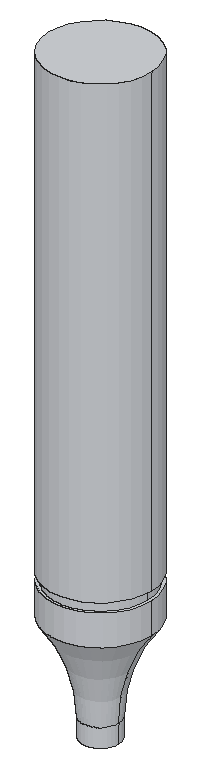
Revit family
Parameters
  URL = "www.siouxchief.com"
  Total Length [instance] = 8.25"
  Radius [instance] = 0.69"
  Model = "652-AS"
  Manufacturer = "Sioux Chief Manufacturing"
  Description = "Hydra-Resters Male Sweat"
  Connection Radius [instance] = 0.25"
Reference planes (in)
  plane 1 "Center (Front/Back)": y = 0
  plane 2: z = 0
  plane 3 "Center (Left/Right)": x = 0
  plane 4: z = 8.25
  plane 5: z = 2
  plane 6: z = 1.875
Forms (in)
  Extrusion 1, solid
    sketch origin (0.0025, 0, -7.11) x (1, 0, 0) y (0, 1, 0)
      loop
        circle (-0.0025, 0) r 0.6875
    from 9.11 to 15.36
  Extrusion 2, solid
    sketch origin (0, 0, 0) x (1, 0, 0) y (0, 1, 0)
      loop
        circle (0, 0) r 0.64225
    from 1.875 to 2
  Extrusion 3, solid
    sketch origin (0, 0, -18.235) x (1, 0, 0) y (0, 1, 0)
      loop
        circle (0, 0) r 0.6875
    from 18.235 to 20.11
  Revolve 4, void
    sketch origin (0, 0, 0) x (1, 0, 0) y (0, 0, 1)
      loop
        line (-0.25122, 0) -> (-0.25122, 0.25)
        arc (-0.25122, 0.25) -> (-0.36363, 0.89186) -> (-0.6875, 1.45731) r 1.88861
        line (-0.6875, 1.45731) -> (-0.6875, 0) -> (-0.25122, 0)
      axis (0, 1.45731) -> (0, 0)
    angle from 0 to 360
Cuts and joins
  Revolve 4 cuts Extrusion 3
Dimensions and locks (in)
  "Total Length": plane 4 to level
  locked: plane 5 to level at 2
  Extrusion 1 to plane 3 "Center (Left/Right)" = 0.6875"
  locked: plane 5 to plane 6 at 0.125
  aligned and locked: plane 4 to Extrusion 1
  aligned and locked: Extrusion 1 to plane 5
  aligned and locked: Extrusion 2 to Extrusion 1
  aligned and locked: plane 6 to Extrusion 2
  aligned and locked: Extrusion 3 to plane 6
  aligned and locked: Extrusion 3 to level
Automatic sketch dimensions
  plane 1 "Center (Front/Back)" to Extrusion 1 sketch curve = 0.00"
  Extrusion 1 sketch curve to plane 3 "Center (Left/Right)" = 0.00"
  plane 1 "Center (Front/Back)" to Extrusion 2 sketch curve = 0.00"
  Extrusion 2 sketch curve to plane 3 "Center (Left/Right)" = 0.00"
  plane 1 "Center (Front/Back)" to Extrusion 3 sketch curve = 0.00"
  Extrusion 3 sketch curve to plane 3 "Center (Left/Right)" = 0.00"
  Revolve 4 sketch curve to level = 0.00"
  Revolve 4 sketch curve to plane 3 "Center (Left/Right)" = 0.00"
  Revolve 4 sketch curve to plane 3 "Center (Left/Right)" = 0.25122"
  plane 6 to Revolve 4 sketch curve = 0.41769"
  Revolve 4 sketch curve to plane 3 "Center (Left/Right)" = 0.6875"
  level to Revolve 4 sketch curve = 0.25"
  Revolve 4 sketch curve to level = 0.40828"
  plane 6 to Revolve 4 sketch curve = 0.45532"
  radius of Extrusion 1 sketch curve = 0.6875"
  radius of Extrusion 2 sketch curve = 0.64225"
  radius of Extrusion 3 sketch curve = 0.6875"
Connectors (in)
  piping at (0, 0, 0), driven by "Connection Radius"
    settings: on cut or joined group of Extrusion 3, Revolve 4, index 1, connector radius 1/4", flow factor 0, pipe flow 0 GPM, pressure drop 0.00 psi, fitting loss kfactor 0, connector angle 0.00°, fixture units 0, flow configuration 0, flow direction 1, fitting loss method 0, system type 20, connector reference index -1, connector utility 0, adjustable connector no, is connector primary yes, fitting loss table "", connector description "1/2\" Male Sweat"
